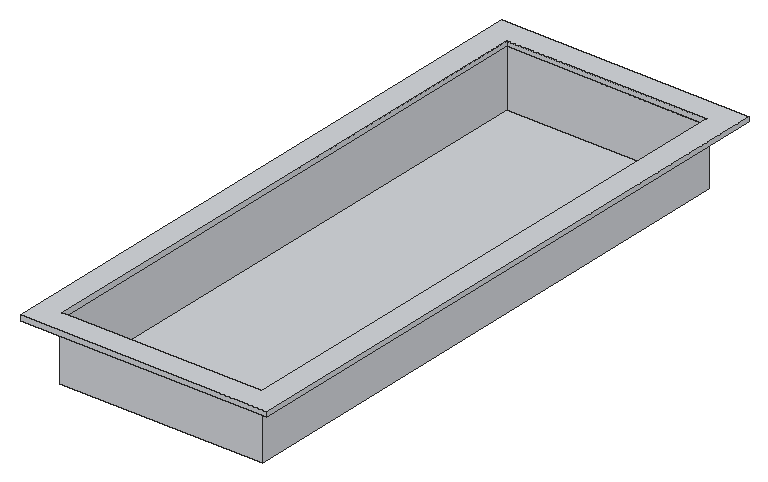
Revit family "Hager-VOLTA-Flush_mounted-Other-Without_Cover-Without_DIN-Hosted-AT-de", category Electrical Equipment, host Face, Revit 2023
Family settings
  Host = Face
  Panel Configuration = Two Columns, Circuits Across
  Round Connector Dimension = Use Diameter
  Part Type = Panelboard
  Cut with Voids When Loaded = No
  Maintain Annotation Orientation = Yes
  Shared = No
  Room Calculation Point = No
Parameters (values of type "VOLTA-Flush_mounted_W348_H880_D98_12_Modular_Spacing-VU60NK")
  Width Control [instance] = if([HG000006-Unterputz], if([EF000846 - Einbaubreite] > min_whd, [EF000846 - Einbaubreite], min_whd), if([EF000008 - Breite] > min_whd, ([EF000008 - Breite]), min_whd))  # 314 mm
  Void Depth [instance] = if([HG000006-Unterputz], Depth Control, 1 mm)  # 90 mm
  Uniformat code = "D501001"
  Uniformat = "Low Tension Service & Dist."
  HGEF0002950-Breite in Teilungseinheiten = 12
  HGEF000266-Anzahl der Reihen = 5
  HG000131 - Functional label [instance] = ""
  HG000130 - Functional name [instance] = ""
  Type Comments = ""
  System Height [instance] = Height Control - 2 * [HG000005-Dicke]  # 861 mm
  Reference description = ""
  Reference = "VOLTA-Flush_mounted_W348_H880_D98_12_Modular_Spacing-VU60NK"
  Object type = ""
  Name hager = "ADD_Enclosures_EC000214"
  Name BIM&CO = "Electricity"
  Name = "VOLTA-Flush_mounted-Other-Without_Cover-Without_DIN-AT"
  Model = ""
  HG000099-Onfly Template ID-de-AT = "507532"
  HG000060-RAL-number = "9010"
  HG000059-Operating voltage-de-AT [instance] = 230 V
  HG000017-Distanz zwischen den Polen = 18 mm
  HG000016-3D-Türsichtbarkeit = yes
  HG000015-Sichtbarkeit der Türöffnung = yes
  HG000014-Tür rechts = yes
  HG000013-Tür links = no
  HG000012-Türschwenkwinkel = 90.00°
  HG000011-Leere Reihen von unten = no
  HG000010-Asymmetrische Türen = no
  HG000009-Doppelflügeligen Tür = no
  HG000008-Anzahl der leeren Reihen = 0
  HG000007-Anzahl der leeren Spalten = 0
  HG000006-Unterputz = yes
  HG000005-Dicke = 2 mm
  HG000004-Herstellerreferenz = "VU60NK"
  HG000003-Bereich = "VOLTA"
  HG000002-Mit tür = no
  HG000001-Anzahl der Spalten = 0
  GTIN (Global Trade Item Number) = ""
  ETIM class name = "Small distribution board"
  ETIM class code = "EC000214"
  EF015941 - Signaldurchlassende Tür = no
  EF015777 - Neutralleiterklemmenblock = no
  EF015776 - Erdungsklemmenblock = no
  EF009212 - Ausführung Deckel = ""
  EF006306 - Mit Schloss = no
  EF006244 - Transparenter Deckel/Tür = no
  EF005474 - Schutzart (IP) = "sonstige"
  EF004464 - Art der Tür = ""
  EF004462 - Art der Schließung = "sonstige"
  EF002950 - Breite in Teilungseinheiten = 12
  EF001596 - Werkstoff des Gehäuses = ""
  EF001134 - DIN-Schiene = no
  EF001131 - Innentiefe = 0 mm
  EF001088 - Anbaumöglichkeit = yes
  EF001062 - EMV-Ausführung = no
  EF000846 - Einbaubreite = 314 mm
  EF000339 - Art der Abdeckung = ""
  EF000332 - Einbauhöhe = 865 mm
  EF000266 - Anzahl der Reihen = 5
  EF000218 - Einbautiefe = 90 mm
  EF000118 - Mit Montageplatte = no
  EF000116 - RAL-Nummer = 9010
  EF000049 - Tiefe = 98 mm
  EF000040 - Höhe = 880 mm
  EF000024 - UV-beständig = no
  EF000008 - Breite = 348 mm
  EF000007 - Farbe = "weiß"
  EF000003 - Montageart = "Unterputz"
  Creation Date = "12/15/2025 21:42:06"
  Code hager = "ADD-EC000214_EU"
  BIM&CO code = ""
  BC_VARIANT_ID = "1174071"
  BC_OBJECT_VERSION = "#3"  # constant formula
  BC_OBJECT_ID = "513456"  # constant formula
  BC_MODEL_ID = "1547065"  # constant formula
  Arrow Offset [instance] = Depth Control / 8  # 11.25 mm
  Arrow Height [instance] = Depth Control - Arrow Offset  # 78.75 mm
  Host Offset [instance] = if([HG000006-Unterputz], 0 mm, [EF000049 - Tiefe])  # 0 mm
  min_whd [instance] = (2 * [HG000005-Dicke]) + 1 mm  # 5 mm
  Manufacturer = "Hager"  # constant formula
  Height Control [instance] = if([HG000006-Unterputz], if([EF000332 - Einbauhöhe] > min_whd, [EF000332 - Einbauhöhe], min_whd), if([EF000040 - Höhe] > min_whd, ([EF000040 - Höhe]), min_whd))  # 865 mm
  Flush Mounted - Door Frame Width [instance] = if(([EF000040 - Höhe] - [EF000332 - Einbauhöhe]) > 0 mm, if([HG000006-Unterputz], [EF000040 - Höhe] - [EF000332 - Einbauhöhe], 0 mm), 0 mm)  # 15 mm
  Depth Control [instance] = if([HG000006-Unterputz], if([EF000218 - Einbautiefe] > 0 mm, [EF000218 - Einbautiefe], 1 mm), if([EF000049 - Tiefe] > 0 mm, ([EF000049 - Tiefe]), 1 mm))  # 90 mm
  Default Elevation = 0 mm
Types (5, lengths in mm): name | HGEF000266-Anzahl der Reihen | System Height | Reference | HG000060-RAL-number | HG000004-Herstellerreferenz | EF009212 - Ausführung Deckel | EF004462 - Art der Schließung | EF001062 - EMV-Ausführung | EF000332 - Einbauhöhe | EF000266 - Anzahl der Reihen | EF000116 - RAL-Nummer | EF000049 - Tiefe | EF000040 - Höhe | EF000008 - Breite | EF000007 - Farbe | BC_VARIANT_ID | Height Control | Flush Mounted - Door Frame Width
  VOLTA-Flush_mounted_W330_H355_D94_12_Modular_Spacing-VU12NK | 1 | 342 | "VOLTA-Flush_mounted_W330_H355_D94_12_Modular_Spacing-VU12NK" | "7035" | "VU12NK" | "geschlossen" | "" | yes | 346 | 1 | 7035 | 94 | 355 | 330 | "grau" | "1174067" | 346 | 9
  VOLTA-Flush_mounted_W348_H505_D98_12_Modular_Spacing-VU24NK | 2 | 467 | "VOLTA-Flush_mounted_W348_H505_D98_12_Modular_Spacing-VU24NK" | "9010" | "VU24NK" | "" | "sonstige" | no | 471 | 2 | 9010 | 98 | 505 | 348 | "weiß" | "1174068" | 471 | 34
  VOLTA-Flush_mounted_W348_H630_D98_12_Modular_Spacing-VU36NK | 3 | 592 | "VOLTA-Flush_mounted_W348_H630_D98_12_Modular_Spacing-VU36NK" | "9010" | "VU36NK" | "" | "sonstige" | no | 596 | 3 | 9010 | 98 | 630 | 348 | "weiß" | "1174069" | 596 | 34
  VOLTA-Flush_mounted_W348_H755_D98_12_Modular_Spacing-VU48NK | 4 | 717 | "VOLTA-Flush_mounted_W348_H755_D98_12_Modular_Spacing-VU48NK" | "9010" | "VU48NK" | "" | "sonstige" | no | 721 | 4 | 9010 | 98 | 755 | 348 | "weiß" | "1174070" | 721 | 34
  VOLTA-Flush_mounted_W348_H880_D98_12_Modular_Spacing-VU60NK | 5 | 861 | "VOLTA-Flush_mounted_W348_H880_D98_12_Modular_Spacing-VU60NK" | "9010" | "VU60NK" | "" | "sonstige" | no | 865 | 5 | 9010 | 98 | 880 | 348 | "weiß" | "1174071" | 865 | 15
Reference planes
  plane 1 "Center (Front/Back)": y = 0
  plane 2: z = 0
  plane 3 "Center (Left/Right)": x = 0
  plane 4: z = 0
  plane 5: y = 17
  plane 6: z = -5
  plane 7: y = 447.5
  plane 8: y = 15
  plane 9: y = 880
  plane 10: z = -90
  plane 11: x = -157
  plane 12: x = 157
  plane 13: x = 155
  plane 14: x = -155
  plane 15: y = 878
  plane 16: z = -88
  plane 17: z = -2
  plane 18: z = -90
  plane 19: z = -2
  plane 20 "Annotation H": y = -100
  plane 21 "Annotation V": x = 457
Forms (mm)
  Extrusion 1, solid
    sketch origin (-583.045, 15, 1219.2) x (-1, 0, 0) y (0, 0, 1)
      loop
        line (-426.045, -1219.2) -> (-740.045, -1219.2) -> (-740.045, -1309.2) -> (-426.045, -1309.2) -> (-426.045, -1219.2)
    from 0 to 865 <- "Height Control"
  Extrusion 2, void
    sketch origin (-381.607, -4572, 0) x (0, -1, 0) y (-1, 0, 0)
      loop
        line (-5450, -226.607) -> (-5450, -536.607) -> (-4589, -536.607) -> (-4589, -226.607) -> (-5450, -226.607)
    from 0 to 88
  Extrusion 3, void
    sketch origin (0, 0, 0) x (1, 0, 0) y (0, 1, 0)
      loop
        line (-157, 15) -> (157, 15) -> (157, 880) -> (-157, 880) -> (-157, 15)
    from -90 to 1
  Extrusion 4, solid, detail levels coarse+medium
    sketch origin (-381.607, -4572, 0) x (-1, 0, 0) y (0, -1, 0)
      loop
        line (-226.607, -5450) -> (-226.607, -4589) -> (-536.607, -4589) -> (-536.607, -5450) -> (-226.607, -5450)
    from 0 to -2
Cuts and joins
  Extrusion 2 cuts Extrusion 1
Dimensions and locks
  plane 4 to plane 6 = 5 mm
  "Host Offset": plane 4 to host face
  "Flush Mounted - Door Frame Width": plane 1 "Center (Front/Back)" to plane 8
  "HG000005-Dicke": plane 5 to plane 8
  locked: connector elem to plane 3 "Center (Left/Right)"
  "Height Control": plane 9 to plane 8
  equal spacing: plane 9, plane 7, plane 8
  locked: connector elem to plane 7
  "Depth Control": plane 4 to plane 10
  "HG000005-Dicke": plane 11 to plane 14
  "HG000005-Dicke": plane 12 to plane 13
  equal spacing: plane 11, plane 3 "Center (Left/Right)", plane 12
  "Width Control": plane 11 to plane 12
  "Arrow Offset": nested 4 to plane 10
  "HG000005-Dicke": plane 9 to plane 15
  "HG000005-Dicke": plane 16 to plane 10
  "HG000005-Dicke": plane 4 to plane 17
  "Void Depth": plane 2 to plane 18
  "HG000005-Dicke": plane 4 to plane 19
  locked: plane 20 "Annotation H" to plane 1 "Center (Front/Back)" at 100
  locked: plane 12 to plane 21 "Annotation V" at 300
  aligned and locked: plane 2 to host face
  aligned and locked: level to host face
  aligned and locked: plane 3 "Center (Left/Right)" to nested 2
  aligned and locked: plane 4 to nested 2
  aligned and locked: nested 2 to plane 8
  aligned and locked: nested 1 to plane 6
  aligned and locked: plane 5 to nested 1
  aligned and locked: nested 4 to plane 11
  aligned and locked: nested 3 to plane 4
  aligned and locked: Extrusion 1 sketch curve to plane 12
  aligned and locked: Extrusion 1 sketch curve to plane 11
  aligned and locked: nested 3 to plane 10
  aligned and locked: plane 10 to Extrusion 1 sketch curve
  aligned and locked: plane 5 to Extrusion 2 sketch curve
  aligned and locked: Extrusion 2 sketch curve to plane 15
  aligned and locked: Extrusion 2 sketch curve to plane 14
  aligned and locked: Extrusion 2 sketch curve to plane 13
  aligned and locked: plane 11 to Extrusion 3 sketch curve
  aligned and locked: plane 9 to Extrusion 3 sketch curve
  aligned and locked: Extrusion 3 sketch curve to plane 8
  aligned and locked: plane 12 to Extrusion 3 sketch curve
  aligned and locked: nested 3 to plane 12
  aligned and locked: Extrusion 3 to plane 18
  aligned and locked: Extrusion 2 to plane 16
  aligned and locked: Extrusion 1 sketch curve to plane 4
  aligned and locked: Extrusion 4 to plane 17
  aligned and locked: Extrusion 4 sketch curve to plane 15
  aligned and locked: Extrusion 4 sketch curve to plane 13
  aligned and locked: Extrusion 4 sketch curve to plane 14
  aligned and locked: plane 5 to Extrusion 4 sketch curve
  aligned and locked: nested 5 to plane 21 "Annotation V"
  aligned and locked: plane 20 "Annotation H" to nested 5
Automatic sketch dimensions
  host sketch curve to host sketch curve = 1469.727 mm
  host sketch curve to host sketch curve = 1434.803 mm
Nested families
  nested 1: "Hager_Enclosure_System" at (0, 17, -5) x (1, 0, 0) z (0, 1, 0), Height <- "System Height", Width_Control <- "Width Control", Built-in_Width <- "EF000846 - Einbaubreite", Width <- "EF000008 - Breite", Depth <- "HG000005-Dicke", Border <- "HG000005-Dicke", Distance_Between_Poles <- "HG000017-Distanz zwischen den Polen", Flush_Mounted <- "HG000006-Unterputz", Empty_Columns <- "HG000007-Anzahl der leeren Spalten", Total_No_Empty_Rows <- "HG000008-Anzahl der leeren Reihen", Empty_Rows_From_Bottom <- "HG000011-Leere Reihen von unten", Columns_Count <- "HG000001-Anzahl der Spalten", Rows_Count <- "HGEF000266-Anzahl der Reihen", Row_Module_Multiplicator <- "HGEF0002950-Breite in Teilungseinheiten", type "Hager_Enclosure_System", detail levels fine
    with Width_Control 314 mm, Width 348 mm, Total_No_Rows 5, Total_No_Empty_Rows 0, Total_No_Columns 1, System_Width 310 mm, Rows_Count 5, Rows_Column 5, Row_Module_Multiplicator 12, Panel_4 no, Panel_3 no, Panel_2 no, Panel_1 no, No_Panels_Ctrl 1, Hide_Columns yes, Height 861 mm, Flush_Mounted yes, Empty_Rows_From_Bottom no, Empty_Rows_Column 0, Empty_Columns 0, Empty column 4 0, Empty column 3 0, Empty column 2 0, Empty column 1 0, Distance_Between_Poles 18 mm, Depth 2 mm, Columns_Count 0, Column_Width 310 mm, Built-in_Width 314 mm, Border 2 mm
  nested 2: "Hager_Enclosure_Door" at (0, 15, 0) x (1, 0, 0) z (0, 1, 0), Height_Ctrl <- "Height Control", Width_Ctrl <- "Width Control", BuiltIn_Depth <- "EF000218 - Einbautiefe", Depth <- "EF000049 - Tiefe", BuiltIn_Width <- "EF000846 - Einbaubreite", Height <- "EF000040 - Höhe", BuiltIn_Height <- "EF000332 - Einbauhöhe", Width <- "EF000008 - Breite", Transparent <- "EF006244 - Transparenter Deckel/Tür", Border <- "HG000005-Dicke", Door <- "HG000002-Mit tür", Flush_Mounted <- "HG000006-Unterputz", Double <- "HG000009-Doppelflügeligen Tür", Assymetrical <- "HG000010-Asymmetrische Türen", Angle <- "HG000012-Türschwenkwinkel", Door_Left <- "HG000013-Tür links", Door_Right <- "HG000014-Tür rechts", Clearance <- "HG000015-Sichtbarkeit der Türöffnung", 3d_Door <- "HG000016-3D-Türsichtbarkeit", type "Hager_Enclosure_Door", detail levels medium+fine
    with min_wh 5 mm, Width_Ctrl 314 mm, Width 348 mm, Transparent_Door_No_Bottom_Border no, Transparent no, Leaf_Width 307 mm, Leaf_Tolerance 1.5 mm, Leaf_Height 858 mm, Leaf_2_Width 307 mm, Leaf_2_Offset 153.5 mm, Leaf_1_Width 307 mm, Leaf_1_Offset 153.5 mm, Height_Ctrl 865 mm, Height 880 mm, Frame_Width_Ctrl 34 mm, Frame_Width 34 mm, Frame_Internal_Offset 2 mm, Frame_Height_Ctrl 15 mm, Frame_Height 15 mm, Frame_Depth_Ctrl 8 mm, Frame_Depth 8 mm, Flush_Mounted yes, Double_Clearance_Ctrl no, Double no, Door_Right_Ctrl no, Door_Right yes, Door_Left_Ctrl no, Door_Left no, Door no, Depth 98 mm, Clearance_Depth 307 mm, Clearance_Ctrl yes, Clearance yes, BuiltIn_Width 314 mm, BuiltIn_Height 865 mm, BuiltIn_Depth 90 mm, Border 2 mm, Assymetrical no, Angle 90.00°, 3d_Door yes
  nested 3: "Hager_Enclosure_Symbol_Triangle" at (-157, 0, -90) x (1, 0, 0) z (0, -1, 0), Depth <- "Depth Control", Width <- "Width Control", type "Hager_Enclosure_Symbol_Triangle"
    with Width_Ctrl 314 mm, Width 314 mm, Depth_Ctrl 90 mm, Depth 90 mm
  nested 4: "Hager_Enclosure_Symbol_Arrow" at (-157, 0, -78.75) x (1, 0, 0) z (0, -1, 0), Height <- "Arrow Height", type "Hager_Enclosure_Symbol_Arrow"
    with Width_Inside 5.906 mm, Width 70.875 mm, Height_Ctrl 78.75 mm, Height 78.75 mm
  nested 5: "Hager_Annotation-HG000130" at (457, -100, 0) x (-1, 0, 0) z (0, 0, 1), HG000130 - Functional name <- "HG000130 - Functional name", type "Hager_Annotation-HG000130"
    with HG000130 - Functional name ""
Connectors
  electrical at (0, 447.5, -90)
    settings: on plane 10, index 1, voltage 0 V, apparent load 0 VA, apparent load phase1 0 VA, apparent load phase2 0 VA, apparent load phase3 0 VA, power factor 1, load classification "Other", number of poles 1, system type 30, power factor state 1, is connector primary yes, connector utility no, sub classification motor no, connector description ""
Definition of nested family "Hager_Enclosure_Door"
  Parameters (values of type "Hager_Enclosure_Door")
    min_wh [instance] = (2 * Border) + 1 mm  # 11 mm
    Width_Ctrl [instance] = 400 mm
    Width [instance] = 500 mm
    Transparent_Door_No_Bottom_Border [instance] = no
    Transparent [instance] = yes
    Leaf_Width [instance] = if((Width_Ctrl - 2 * Border - 2 * Leaf_Tolerance) > 0 mm, (Width_Ctrl - 2 * Border - 2 * Leaf_Tolerance), min_wh)  # 387 mm
    Leaf_Tolerance [instance] = 1.5 mm  # constant formula
    Leaf_Height [instance] = if((Height_Ctrl - 2 * Border - 2 * Leaf_Tolerance) > 0 mm, (Height_Ctrl - 2 * Border - 2 * Leaf_Tolerance), min_wh)  # 387 mm
    Leaf_2_Width [instance] = if(and(and(Double, Assymetrical), Door_Left), (Leaf_Width / 3) - (Leaf_Tolerance / 2), if(and(and(Double, Assymetrical), Door_Right), (Leaf_Width / 3) * 2 - (Leaf_Tolerance / 2), if(and(Double, not(Assymetrical)), (Leaf_Width / 2) - Leaf_Tolerance, Leaf_Width)))  # 387 mm
    Leaf_2_Offset [instance] = if(and(Double, Assymetrical), Leaf_2_Width / 2, if(and(Double, not(Assymetrical)), Leaf_Width / 4, Leaf_Width / 2))  # 193.5 mm
    Leaf_1_Width [instance] = if(and(and(Double, Assymetrical), Door_Right), (Leaf_Width / 3) - (Leaf_Tolerance / 2), if(and(and(Double, Assymetrical), Door_Left), (Width / 3) * 2 - (Leaf_Tolerance / 2), if(and(Double, not(Assymetrical)), (Leaf_Width / 2) - Leaf_Tolerance, Leaf_Width)))  # 387 mm
    Leaf_1_Offset [instance] = if(and(Double, Assymetrical), Leaf_1_Width / 2, if(and(Double, not(Assymetrical)), Leaf_Width / 4, Leaf_Width / 2))  # 193.5 mm
    Height_Ctrl [instance] = 400 mm
    Height [instance] = 500 mm
    Frame_Width_Ctrl [instance] = if(Frame_Width > 0 mm, Frame_Width, 1 mm)  # 1 mm
    Frame_Width [instance] = Width - BuiltIn_Width  # 0 mm
    Frame_Internal_Offset [instance] = if(Flush_Mounted, Border, 0 mm)  # 5 mm
    Frame_Height_Ctrl [instance] = if(Frame_Height > 0 mm, Frame_Height, 1 mm)  # 1 mm
    Frame_Height [instance] = Height - BuiltIn_Height  # 0 mm
    Frame_Depth_Ctrl [instance] = if(Frame_Depth > 0 mm, Frame_Depth, 1 mm)  # 1 mm
    Frame_Depth [instance] = if(Depth - BuiltIn_Depth > 0 mm, if(Flush_Mounted, Depth - BuiltIn_Depth, 0 mm), 0 mm)  # 0 mm
    Flush_Mounted [instance] = yes
    Double_Clearance_Ctrl [instance] = and(Double, Clearance)  # no
    Double [instance] = no
    Door_Right_Ctrl [instance] = and(or(Door_Right, Double), Door)  # yes
    Door_Right [instance] = yes
    Door_Left_Ctrl [instance] = and(or(Door_Left, Double), Door)  # no
    Door_Left [instance] = no
    Door [instance] = yes
    Depth [instance] = 500 mm
    Default Elevation = 1219.2 mm
    Clearance_Material = none
    Clearance_Depth [instance] = if(Leaf_1_Width > Leaf_2_Width, Leaf_1_Width, Leaf_2_Width)  # 387 mm
    Clearance_Ctrl [instance] = and(not(Double), Clearance)  # yes
    Clearance [instance] = yes
    BuiltIn_Width [instance] = 500 mm
    BuiltIn_Height [instance] = 500 mm
    BuiltIn_Depth [instance] = 500 mm
    Border [instance] = 5 mm
    Assymetrical [instance] = yes
    Angle [instance] = 30.00°
    3d_Door [instance] = yes
  Reference planes
    plane 1 "Center (Front/Back)": y = 0
    plane 2 "Bottom": z = 0
    plane 3 "Center (Left/Right)": x = 0
    plane 4: z = 400
    plane 5: x = -200
    plane 6: x = 200
    plane 7: z = 395
    plane 8: x = -195
    plane 9: z = 5
    plane 10: x = 195
    plane 11: y = 0
    plane 12: z = 6.5
    plane 13: x = -582
    plane 14: y = -387
    plane 15: x = 582
    plane 16: x = 0
    plane 17: x = 0
    plane 18: x = -193.5
    plane 19: x = 193.5
    plane 20: z = 393.5
  Forms (mm)
    Extrusion 1, solid, visible <- "Flush_Mounted"
      sketch origin (0, 0, 0) x (1, 0, 0) y (0, 0, 1)
        loop
          line (195, 5) -> (195, 395) -> (-195, 395) -> (-195, 5) -> (195, 5)
        loop
          line (-201, 401) -> (-201, -1) -> (201, -1) -> (201, 401) -> (-201, 401)
      from 0 to 1 <- "Frame_Depth_Ctrl"
    Extrusion 2, solid, material <- "Clearance_Material", visible <- "Double_Clearance_Ctrl"
      sketch origin (1200, 0, 0) x (1, 0, 0) y (0, 0, -1)
        loop
          line (-1782, -393.5) -> (-618, -393.5) -> (-618, 0) -> (-1782, 0) -> (-1782, -393.5)
      from 0 to -387
  Dimensions and locks
    equal spacing: plane 5, plane 3 "Center (Left/Right)", plane 6
    "Width_Ctrl": plane 5 to plane 6
    "Border": plane 5 to plane 8
    "Border": plane 6 to plane 10
    "Border": plane 9 to level
    "Border": plane 4 to plane 7
    "Height_Ctrl": plane 4 to level
    "Leaf_Tolerance": plane 12 to plane 9
    "Frame_Depth": plane 11 to plane 1 "Center (Front/Back)"
    "Frame_Width_Ctrl": plane 5 to Extrusion 1 sketch curve
    "Frame_Width_Ctrl": plane 6 to Extrusion 1 sketch curve
    "Frame_Width_Ctrl": Extrusion 1 sketch curve to plane 4
    "Frame_Width_Ctrl": plane 2 "Bottom" to Extrusion 1 sketch curve
    "Leaf_1_Offset": plane 18 to plane 16
    "Leaf_2_Offset": plane 17 to plane 19
    "Leaf_1_Width": plane 13 to plane 8
    "Leaf_2_Width": plane 10 to plane 15
    "Clearance_Depth": plane 14 to plane 1 "Center (Front/Back)"
    "Leaf_Tolerance": plane 8 to plane 18
    "Leaf_Tolerance": plane 19 to plane 10
    "Leaf_Tolerance": plane 7 to plane 20
    "Frame_Internal_Offset": plane 5 to Extrusion 1 sketch curve
    "Frame_Internal_Offset": Extrusion 1 sketch curve to plane 2 "Bottom"
    "Frame_Internal_Offset": plane 6 to Extrusion 1 sketch curve
    "Frame_Internal_Offset": plane 4 to Extrusion 1 sketch curve
    aligned and locked: level to plane 2 "Bottom"
    aligned and locked: nested 1 to plane 16
    aligned and locked: nested 2 to plane 17
    aligned and locked: Extrusion 2 to plane 13
    aligned and locked: plane 15 to Extrusion 2
    aligned and locked: Extrusion 2 to plane 14
    aligned and locked: plane 12 to nested 1
    aligned and locked: nested 2 to plane 12
    aligned and locked: Extrusion 2 to plane 11
    aligned and locked: plane 20 to Extrusion 2
    aligned and locked: nested 2 to plane 11
    aligned and locked: nested 1 to plane 11
  Automatic sketch dimensions
    Extrusion 2 sketch curve to level = 0 mm
    plane 5 to Extrusion 2 sketch curve = 382 mm
    plane 6 to Extrusion 2 sketch curve = 382 mm
    Extrusion 2 sketch curve to plane 4 = 6.5 mm
  Nested families
    nested 1: "Hager_Enclosure_Door_Leaf" at (0, 0, 6.5), Width <- "Leaf_1_Width", visible <- "Door_Left_Ctrl", Leaf_Height <- "Leaf_Height", Angle <- "Angle", Depth <- "Border", 3d_Door <- "3d_Door", Transparent <- "Transparent", Clearance Material <- "Clearance_Material", Clearance <- "Clearance_Ctrl", Transparent_Door_No_Bottom_Border <- "Transparent_Door_No_Bottom_Border", type "Hager_Enclosure_Door_Leaf"
      with Width 387 mm, Transparent_Door_No_Bottom_Border no, Transparent_Door_Border_Bottom_Top 25 mm, Transparent_Door_Border 25 mm, Transparent_Ctrl yes, Transparent yes, Standard no, Leaf_Height 387 mm, Glass_Offset 1 mm, Depth 5 mm, Clearance Material none, Clearance yes, Angle_Ctrl 30.00°, Angle 30.00°, 3d_Door yes
    nested 2: "Hager_Enclosure_Door_Leaf" at (0, 0, 6.5) x (-1, 0, 0) z (0, 0, 1), Width <- "Leaf_2_Width", visible <- "Door_Right_Ctrl", Leaf_Height <- "Leaf_Height", Angle <- "Angle", Depth <- "Border", 3d_Door <- "3d_Door", Transparent <- "Transparent", Clearance Material <- "Clearance_Material", Clearance <- "Clearance_Ctrl", Transparent_Door_No_Bottom_Border <- "Transparent_Door_No_Bottom_Border", type "Hager_Enclosure_Door_Leaf"
      with Width 387 mm, Transparent_Door_No_Bottom_Border no, Transparent_Door_Border_Bottom_Top 25 mm, Transparent_Door_Border 25 mm, Transparent_Ctrl yes, Transparent yes, Standard no, Leaf_Height 387 mm, Glass_Offset 1 mm, Depth 5 mm, Clearance Material none, Clearance yes, Angle_Ctrl 30.00°, Angle 30.00°, 3d_Door yes
  Definition of nested family "Hager_Enclosure_Door_Leaf"
    Parameters (values of type "Hager_Enclosure_Door_Leaf")
      Width [instance] = 2000 mm
      Transparent_Door_No_Bottom_Border [instance] = yes
      Transparent_Door_Border_Bottom_Top [instance] = if(Transparent_Door_No_Bottom_Border, 0.1 mm, Transparent_Door_Border)  # 0.1 mm
      Transparent_Door_Border [instance] = if(Transparent_Door_No_Bottom_Border, (Width * 0.12), 25 mm)  # 240 mm
      Transparent_Ctrl [instance] = and(Transparent, [3d_Door])  # yes
      Transparent [instance] = yes
      Standard [instance] = and(not(Transparent), [3d_Door])  # no
      Leaf_Height [instance] = 2720.336 mm
      Glass_Offset [instance] = if((Depth - 10 mm) / 2 > 0 mm, (Depth - 10 mm) / 2, 1 mm)  # 15 mm
      Glass_Material = none
      Depth [instance] = 40 mm
      Default Elevation = 0 mm
      Clearance Material [instance] = none
      Clearance [instance] = yes
      Angle_Ctrl [instance] = if(Angle > 170.00°, 170.00°, Angle)  # 45.00°
      Angle [instance] = 45.00°
      3d_Door [instance] = yes
    Reference planes
      plane 1 "Center (Front/Back)": y = 0
      plane 2: z = 0
      plane 3 "Center (Left/Right)": x = 0
      plane 4: y = 2000
      plane 5: x = -1000
      plane 6: x = 1000
      plane 7: x = -3000
      plane 8: z = 2720.336
      plane 9: z = 0.1
      plane 10: z = 2720.236
      plane 11: x = 760
      plane 12: x = -760
    Forms (mm)
      Extrusion 1, solid, material <- "Clearance Material", visible <- "Clearance"
        sketch origin (0, 0, 0) x (1, 0, 0) y (0, 0, 1)
          loop
            line (-3000, 2720.336) -> (-3000, 0) -> (1000, 0) -> (1000, 2720.336) -> (-3000, 2720.336)
        from 0 to -2000
      Extrusion 2, solid, visible <- "Standard", detail levels medium+fine
        sketch origin (-1000, 0, 0) x (0.707107, 0.707107, 0) y (-0.707107, 0.707107, 0)
          loop
            line (0, -40) -> (2000, -40) -> (2000, 0) -> (0, 0) -> (0, -40)
        from 0 to 2720.336 <- "Leaf_Height"
      Extrusion 3, solid, visible <- "Transparent_Ctrl", detail levels medium+fine
        sketch origin (-1000, 0, 0) x (0.707107, 0.707107, 0) y (-0.707107, 0.707107, 0)
          loop
            line (0, -40) -> (2000, -40) -> (2000, 0) -> (0, 0) -> (0, -40)
        from 0 to 2720.336 <- "Leaf_Height"
      Extrusion 4, void, detail levels medium+fine
        sketch origin (-1000, 0, 0) x (-0.707107, 0.707107, 0) y (0.707107, 0.707107, 0)
          loop
            line (0, 240) -> (0, 1760) -> (-40, 1760) -> (-40, 240) -> (0, 240)
        from -2720.236 to -0.1
      Extrusion 5, solid, material <- "Glass_Material", visible <- "Transparent_Ctrl", detail levels medium+fine
        sketch origin (-1000, 0, 0) x (0.707107, 0.707107, 0) y (-0.707107, 0.707107, 0)
          loop
            line (240, -15) -> (240, -25) -> (1760, -25) -> (1760, -15) -> (240, -15)
        from 0.1 to 2720.236
    Cuts and joins
      Extrusion 4 cuts Extrusion 3
    Lines and regions (mm)
      symbolic lines
        curve 1: line (1000, 0, 0) -> (-3000, 0, 0)
        curve 2: arc (1000, 0, 0) -> (-1000, 2000, 0) -> (-3000, 0, 0) r 2000
        curve 4: line (-1000, 0, 0) -> (414.214, 1414.214, 0)
      reference lines
        curve 3: line (-1000, 0, 0) -> (414.214, 1414.214, 0)
      symbolic lines, detail levels medium+fine
        curve 5: line (414.214, 1414.214, 0) -> (442.498, 1385.929, 0)
        curve 6: line (442.498, 1385.929, 0) -> (-971.716, -28.284, 0)
        curve 7: line (-971.716, -28.284, 0) -> (-1000, 0, 0)
        curve 8: line (-1000, 0, 2720.336) -> (1000, 0, 2720.336)
        curve 9: line (-1000, 0, 0) -> (-1000, 0, 2720.336)
        curve 10: line (1000, 0, 0) -> (-1000, 0, 0)
        curve 11: line (1000, 0, 2720.336) -> (1000, 0, 0)
      symbolic lines, visible <- "Transparent_Ctrl", detail levels medium+fine
        curve 12: line (-760, 0, 2720.236) -> (760, 0, 2720.236)
        curve 13: line (-760, 0, 0.1) -> (-760, 0, 2720.236)
        curve 14: line (760, 0, 0.1) -> (-760, 0, 0.1)
        curve 15: line (760, 0, 2720.236) -> (760, 0, 0.1)
    Dimensions and locks
      "Width": plane 1 "Center (Front/Back)" to plane 4
      equal spacing: plane 5, plane 3 "Center (Left/Right)", plane 6
      "Width": plane 5 to plane 6
      "Width": plane 7 to plane 5
      "Leaf_Height": plane 8 to level
      "Depth": curve 6 to curve 3
      "Width": curve 5 to curve 3
      "Width": curve 3 to curve 3
      "Transparent_Door_Border": Extrusion 4 sketch curve to curve 7
      "Transparent_Door_Border": Extrusion 4 sketch curve to curve 5
      "Transparent_Door_Border_Bottom_Top": plane 8 to plane 10
      "Transparent_Door_Border_Bottom_Top": plane 9 to level
      "Glass_Offset": Extrusion 5 sketch curve to curve 4
      "Glass_Offset": Extrusion 5 sketch curve to curve 6
      "Transparent_Door_Border": Extrusion 5 sketch curve to curve 5
      "Transparent_Door_Border": Extrusion 5 sketch curve to curve 7
      "Transparent_Door_Border": plane 12 to plane 5
      "Transparent_Door_Border": plane 6 to plane 11
      "Angle_Ctrl": angle plane 1 "Center (Front/Back)" to curve 3
      aligned and locked: level to plane 2
      aligned and locked: Extrusion 1 to curve 1
      aligned and locked: plane 6 to Extrusion 1
      aligned and locked: Extrusion 1 to plane 1 "Center (Front/Back)"
      aligned and locked: plane 4 to Extrusion 1
      aligned and locked: plane 8 to Extrusion 1
      aligned and locked: curve 4 to curve 3
      aligned and locked: Extrusion 2 sketch curve to curve 7
      aligned and locked: Extrusion 2 sketch curve to curve 6
      aligned and locked: Extrusion 2 sketch curve to curve 5
      aligned and locked: Extrusion 2 sketch curve to curve 3
      aligned and locked: curve 7 to Extrusion 3 sketch curve
      aligned and locked: Extrusion 3 sketch curve to curve 4
      aligned and locked: Extrusion 3 sketch curve to curve 6
      aligned and locked: Extrusion 3 sketch curve to curve 5
      aligned and locked: curve 4 to Extrusion 4 sketch curve
      aligned and locked: curve 6 to Extrusion 4 sketch curve
      aligned and locked: Extrusion 4 to plane 9
      aligned and locked: Extrusion 4 to plane 10
      aligned and locked: Extrusion 5 to plane 9
      aligned and locked: Extrusion 5 to plane 10
      aligned and locked: curve 8 to plane 8
      aligned and locked: plane 5 to curve 9
      aligned and locked: plane 2 to curve 10
      aligned and locked: curve 11 to plane 6
      aligned and locked: plane 10 to curve 12
      aligned and locked: plane 12 to curve 13
      aligned and locked: curve 14 to plane 9
      aligned and locked: plane 11 to curve 15
    Automatic sketch dimensions
      plane 1 "Center (Front/Back)" to curve 2 = 0 mm
      curve 2 to plane 5 = 0 mm
      Extrusion 1 sketch curve to level = 0 mm
      Extrusion 1 sketch curve to plane 7 = 0 mm
      Extrusion 1 sketch curve to plane 6 = 0 mm
      Extrusion 1 sketch curve to plane 8 = 0 mm
      plane 1 "Center (Front/Back)" to curve 3 = 0 mm
      curve 3 to plane 5 = 0 mm
      curve 7 to curve 3 = 0 mm
Definition of nested family "Hager_Enclosure_Symbol_Triangle"
  Parameters (values of type "Hager_Enclosure_Symbol_Triangle")
    Width_Ctrl [instance] = if(Width > 1 mm, Width, 1 mm)  # 498 mm
    Width [instance] = 498 mm
    Depth_Ctrl [instance] = if(Depth > 1 mm, Depth, 1 mm)  # 72 mm
    Depth [instance] = 72 mm
  Reference planes
    plane 1 "Centre (avant/arrière)": y = 0
    plane 2: z = 0
    plane 3 "Centre (gauche/droite)": x = 0
  Lines and regions (mm)
    Filled region 1, type "Solid_Black", in view "Niveau de réf."
      outline origin (0, 0, 0) x (1, 0, 0) y (0, 1, 0)
        loop
          line (0, 0) -> (498, 0) -> (498, 72) -> (0, 0)
    reference lines, in view "Niveau de réf."
      curve 1: line (-206.153, 72, 0) -> (1083.258, 72, 0)
      curve 2: line (498, 405.456, 0) -> (498, -517.619, 0)
  Dimensions and locks
    "Depth_Ctrl": plane 1 "Centre (avant/arrière)" to curve 1
    "Width_Ctrl": plane 3 "Centre (gauche/droite)" to curve 2
    aligned and locked: curve 1 to Filled region 1 sketch curve
    aligned and locked: Filled region 1 sketch curve to plane 1 "Centre (avant/arrière)"
    aligned and locked: curve 2 to Filled region 1 sketch curve
    aligned and locked: plane 3 "Centre (gauche/droite)" to Filled region 1 sketch curve
    aligned and locked: plane 1 "Centre (avant/arrière)" to Filled region 1 sketch curve
  Automatic sketch dimensions
    curve 1 to plane 3 "Centre (gauche/droite)" = 206.153 mm
    curve 2 to curve 1 = 585.258 mm
    plane 1 "Centre (avant/arrière)" to curve 2 = 517.619 mm
    curve 2 to plane 1 "Centre (avant/arrière)" = 405.456 mm
Definition of nested family "Hager_Enclosure_Symbol_Arrow"
  Parameters (values of type "Hager_Enclosure_Symbol_Arrow")
    Width_Inside [instance] = if(Width / 12 > 2 mm, Width / 12, 2 mm)  # 4.987 mm
    Width [instance] = if(Height_Ctrl * 0.9 > 2 mm, Height_Ctrl * 0.9, 2 mm)  # 59.85 mm
    Height_Ctrl [instance] = if(Height > 2 mm, Height, 2 mm)  # 66.5 mm
    Height [instance] = 66.5 mm
  Reference planes
    plane 1 "Centre (avant/arrière)": y = 0
    plane 2: z = 0
    plane 3 "Centre (gauche/droite)": x = 0
    plane 4: x = 59.85
    plane 5: y = 28.263
    plane 6: y = 38.238
    plane 7: y = 66.5
    plane 8: x = 29.925
    plane 9: y = 33.25
  Lines and regions (mm)
    Filled region 1, type "Solid_Black", in view "Niveau de réf."
      outline origin (0, 0, 0) x (1, 0, 0) y (0, 1, 0)
        loop
          line (59.85, 66.5) -> (37.929, 52.827) -> (51.846, 41.935) -> (59.85, 66.5)
    detail lines, in view "Niveau de réf."
      curve 1: line (0, 0, 0) -> (29.925, 38.238, 0)
      curve 2: line (29.925, 38.238, 0) -> (29.925, 28.263, 0)
      curve 3: line (29.925, 28.263, 0) -> (59.85, 66.5, 0)
  Dimensions and locks
    "Width": plane 3 "Centre (gauche/droite)" to plane 4
    "Height_Ctrl": plane 7 to plane 1 "Centre (avant/arrière)"
    equal spacing: plane 3 "Centre (gauche/droite)", plane 8, plane 4
    equal spacing: plane 7, plane 9, plane 1 "Centre (avant/arrière)"
    equal spacing: plane 6, plane 9, plane 5
    "Width_Inside": plane 6 to plane 9
    equal spacing: curve 3, Filled region 1 sketch curve, Filled region 1 sketch curve
    angle Filled region 1 sketch curve to curve 3 = 20.00°
    angle curve 3 to Filled region 1 sketch curve = 20.00°
    locked: curve 3 to Filled region 1 sketch curve (angle 90.00°)
  Automatic sketch dimensions
    plane 1 "Centre (avant/arrière)" to curve 1 = 0 mm
    curve 1 to plane 3 "Centre (gauche/droite)" = 0 mm
    curve 2 to plane 6 = 0 mm
    curve 3 to plane 8 = 0 mm
    curve 3 to plane 4 = 0 mm
    curve 2 to plane 5 = 0 mm
    curve 3 to plane 7 = 0 mm
    Filled region 1 sketch curve to plane 4 = 0 mm
    Filled region 1 sketch curve to plane 7 = 0 mm
Definition of nested family "Hager_Annotation-HG000130"
  Parameters (values of type "Hager_Annotation-HG000130")
    HG000130 - Functional name [instance] = ""
  Reference planes
    plane 1: y = 0
    plane 2: x = 0
  Lines and regions (mm)
    detail lines
      curve 1: line (-27.5, 10, 0) -> (27.5, 10, 0)
      curve 2: line (-27.5, -10, 0) -> (-27.5, 10, 0)
      curve 3: line (27.5, -10, 0) -> (-27.5, -10, 0)
      curve 4: line (27.5, 10, 0) -> (27.5, -10, 0)
  Text (mm)
    label "HG000130 - Functional name" at (0.16, 0.026, 0), shows "HG000130 - Functional name"
